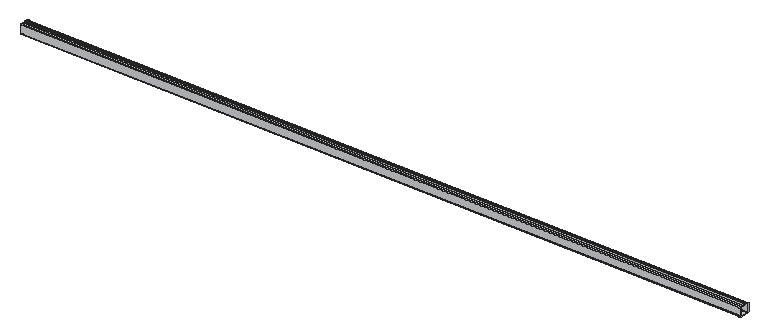
Revit family "33C1.5x1.5 Web", category Structural Framing, Revit 2020
Family settings
  Section Shape = Not Defined
  Material for Model Behavior = Steel
  Always export as geometry = No
  OmniClass Number = 23.25.30.11.14.14
  OmniClass Title = Beams
  Always vertical = Yes
  Cut with Voids When Loaded = No
  Symbolic Representation = From Family
  Shared = No
  Show family pre-cut in plan views = Yes
Parameters
  Weight lbs per ft [instance] = 0.6118
  URL = "https://www.trussteel.com/details_files/pdf/ts010.pdf"
  Total Member Weight lbs [instance] = Length / 1' 0" * Weight lbs per ft  # 6.118
  Structural Material = ASTM A653 SS Grade 40 G90
  Steel Design Thickness (in) [instance] = 0.0346
  Model = "33C1.5x1.5"
  Manufacturer = "TrusSteel"
  Length [instance] = 10' - 0"
  Fy (ksi) [instance] = 40
  Fu (ksi) [instance] = 55
  Description = "C Web"
  Cross Section Area (in2) [instance] = 0.18
  Beam Width = 0' - 1 1/2"
  Beam Height = 0' - 1 1/2"
Reference planes (in)
  plane 1 "Center (Front/Back)": y = 0
  plane 2 "Center El.": z = 0
  plane 3 "Center (Left/Right)": x = 0
  plane 4 "Left": x = -60
  plane 5 "Right": x = 60
Forms (in)
  Extrusion 1, solid
    sketch origin (0, 0, 0) x (0, 1, 0) y (0, 0, 1)
      loop
        arc (0.645, 0.715) -> (0.6945, 0.6945) -> (0.715, 0.645) r 0.07
        line (0.715, 0.645) -> (0.715, -0.645)
        arc (0.715, -0.645) -> (0.6945, -0.6945) -> (0.645, -0.715) r 0.07
        line (0.645, -0.715) -> (-0.645, -0.715)
        arc (-0.645, -0.715) -> (-0.6945, -0.6945) -> (-0.715, -0.645) r 0.07
        line (-0.715, -0.645) -> (-0.715, 0.645)
        arc (-0.715, 0.645) -> (-0.6945, 0.6945) -> (-0.645, 0.715) r 0.07
        line (-0.645, 0.715) -> (-0.25, 0.715) -> (-0.25, 0.75) -> (-0.645, 0.75)
        arc (-0.645, 0.75) -> (-0.71925, 0.71925) -> (-0.75, 0.645) r 0.105
        line (-0.75, 0.645) -> (-0.75, -0.645)
        arc (-0.75, -0.645) -> (-0.71925, -0.71925) -> (-0.645, -0.75) r 0.105
        line (-0.645, -0.75) -> (0.645, -0.75)
        arc (0.645, -0.75) -> (0.71925, -0.71925) -> (0.75, -0.645) r 0.105
        line (0.75, -0.645) -> (0.75, 0.645)
        arc (0.75, 0.645) -> (0.71925, 0.71925) -> (0.645, 0.75) r 0.105
        line (0.645, 0.75) -> (0.25, 0.75) -> (0.25, 0.715) -> (0.645, 0.715)
    from -60 to 60
Dimensions and locks (in)
  equal spacing: plane 4 "Left", plane 3 "Center (Left/Right)", plane 5 "Right"
  "Length": plane 4 "Left" to plane 5 "Right"
  "Beam Width": Extrusion 1 to Extrusion 1
  "Beam Height": Extrusion 1 to Extrusion 1
  aligned and locked: level to plane 2 "Center El."
  aligned and locked: plane 4 "Left" to Extrusion 1
  aligned and locked: Extrusion 1 to plane 5 "Right"
Automatic sketch dimensions
  Extrusion 1 sketch curve to Extrusion 1 sketch curve = 0' - 0"  (x8)
  plane 1 "Center (Front/Back)" to Extrusion 1 sketch curve = 0' - 0 3/4"
  Extrusion 1 sketch curve to Extrusion 1 sketch curve = 0' - 0.035"
  Extrusion 1 sketch curve to Extrusion 1 sketch curve = 0' - 0.07"  (x3)
  plane 1 "Center (Front/Back)" to Extrusion 1 sketch curve = 0' - 0 1/4"
  Extrusion 1 sketch curve to plane 1 "Center (Front/Back)" = 0' - 0 1/4"
  Extrusion 1 sketch curve to plane 1 "Center (Front/Back)" = 0' - 0.645"
  Extrusion 1 sketch curve to Extrusion 1 sketch curve = 0' - 0.395"
  Extrusion 1 sketch curve to level = 0' - 0 3/4"
  level to Extrusion 1 sketch curve = 0' - 0.645"  (x2)
